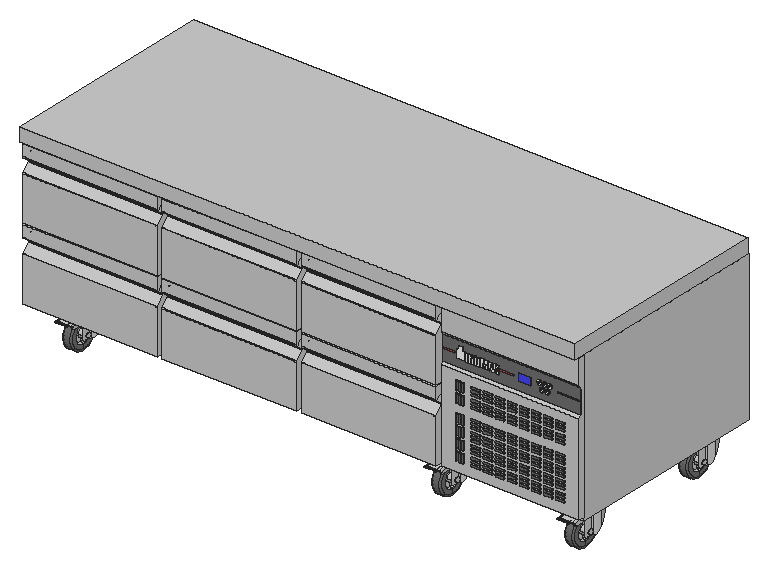
Revit family "QF_INOMAK_PWDP777_250528090058", category Specialty Equipment, Revit 2021 (continued)
Definition of nested family "QF_INOMAK_REF_COUNTERS_DOORS_DRAWERS_16014"
  Definition of nested family "Right_Door"
    Forms (mm)
      Extrusion 1, solid, material <- "Finish", visible <- "Right hand hinged door"
        sketch origin (35, 0, 0) x (0, -1, 0) y (0, 0, 1)
          loop
            line (690, 154) -> (690, 960.365)
            arc (690, 960.365) -> (689.866, 961.037) -> (689.485, 961.607) r 1.757
            line (689.485, 961.607) -> (666.663, 984.429)
            arc (666.663, 984.429) -> (665.976, 985.458) -> (665.734, 986.672) r 3.172
            line (665.734, 986.672) -> (665.734, 1013.576)
            arc (665.734, 1013.576) -> (666.433, 1015.262) -> (668.119, 1015.961) r 2.385
            line (668.119, 1015.961) -> (680.029, 1015.961) -> (686.544, 1006.657)
            arc (686.544, 1006.657) -> (688.671, 1005.935) -> (690, 1007.747) r 1.9
            line (690, 1007.747) -> (690, 1046) -> (648, 1046) -> (648, 154) -> (690, 154)
        from 0 to -1630
      Extrusion 2, solid, visible <- "Right hand hinged door", detail levels coarse
        sketch origin (0, -700, 154) x (-1, 0, 0) y (0, 1, 0)
          loop
            line (-1665, 10) -> (-1665, -1637.12)
            arc (-1665, -1637.12) -> (-517.894, -1142.214) -> (-35, 10) r 1670.236
            line (-35, 10) -> (-1665, 10)
        from 0 to -892
    Lines and regions (mm)
      symbolic lines, visible <- "Right hand hinged door"
        curve 1: line (1665, -2337.12, 150) -> (1665, -700, 150)
        curve 2: arc (1665, -2337.12, 150) -> (521.415, -1845.762, 150) -> (35.165, -699.995, 150) r 1670.236
    Dimensions and locks
      "Length Actual": plane 3 "Left" to plane 4 "Right"
      "Depth Actual": plane 5 "Front" to plane 1 "Back"
      "Height Actual": plane 6 "Top" to plane 8 "Legs top"
      "Front inset": plane 7 "Front legs" to plane 5 "Front"
      "Plinth height": plane 8 "Legs top" to plane 2
      "Rear inset": plane 9 "Backsplash thickness" to plane 1 "Back"
      "Right panel thickness": plane 11 "Right panel" to plane 4 "Right"
      "Left panel thickness": plane 3 "Left" to plane 10 "Left panel"
      "Top inset": plane 6 "Top" to plane 12
      "Bottom inset": plane 13 to plane 8 "Legs top"
      aligned and locked: level to plane 2
      aligned and locked: Extrusion 1 to plane 11 "Right panel"
      aligned and locked: plane 10 "Left panel" to Extrusion 2 sketch curve
      aligned and locked: plane 11 "Right panel" to Extrusion 2 sketch curve
      aligned and locked: plane 7 "Front legs" to Extrusion 2
      aligned and locked: plane 7 "Front legs" to Extrusion 2 sketch curve
      aligned and locked: Extrusion 2 sketch curve to plane 11 "Right panel"
      aligned and locked: curve 1 to Extrusion 2
      aligned and locked: plane 5 "Front" to curve 1
      aligned and locked: Extrusion 2 to plane 12
      aligned and locked: Extrusion 1 sketch curve to plane 12
      aligned and locked: Extrusion 1 sketch curve to plane 7 "Front legs"
      aligned and locked: Extrusion 1 sketch curve to plane 13
      aligned and locked: curve 2 to Extrusion 2
    Automatic sketch dimensions
      Extrusion 1 sketch curve to Extrusion 1 sketch curve = 1.556 mm
      Extrusion 1 sketch curve to Extrusion 1 sketch curve = 11.91 mm
      Extrusion 1 sketch curve to Extrusion 1 sketch curve = 2.243 mm
      Extrusion 1 sketch curve to Extrusion 1 sketch curve = 2.385 mm
      Extrusion 1 sketch curve to Extrusion 1 sketch curve = 20.119 mm
      Extrusion 1 sketch curve to Extrusion 1 sketch curve = 22.822 mm
      Extrusion 1 sketch curve to Extrusion 1 sketch curve = 19.985 mm
      Extrusion 1 sketch curve to Extrusion 1 sketch curve = 6.919 mm
      Extrusion 1 sketch curve to Extrusion 1 sketch curve = 30.039 mm
      plane 7 "Front legs" to Extrusion 1 sketch curve = 42 mm
      Extrusion 1 sketch curve to Extrusion 1 sketch curve = 0.929 mm
      Extrusion 1 sketch curve to Extrusion 1 sketch curve = 6.515 mm
      Extrusion 1 sketch curve to Extrusion 1 sketch curve = 1.242 mm
      Extrusion 1 sketch curve to Extrusion 1 sketch curve = 1.9 mm
      Extrusion 1 sketch curve to Extrusion 1 sketch curve = 0.515 mm
      Extrusion 2 sketch curve to plane 4 "Right" = 5.083 mm
      plane 7 "Front legs" to Extrusion 2 sketch curve = 22.635 mm
      plane 5 "Front" to curve 2 = 0.005 mm
  Definition of nested family "3_Drawers_1-3"
    Parameters (values of type "3 Drawers 1-3")
      URL = "www.specifiglobal.com"
      Top inset [instance] = 4 mm
      Right panel thickness [instance] = 35 mm
      Rear inset [instance] = 10 mm
      Plinth height [instance] = 150 mm
      Model = ""
      Manufacturer = "DEMO CONSULTANT"
      Length Actual [instance] = 1200 mm
      Left panel thickness [instance] = 35 mm
      Height Actual [instance] = 900 mm
      Front inset [instance] = 10 mm
      Finish = none
      Doors drawers type [instance] = 6
      Description = ""
      Depth Actual [instance] = 700 mm
      Default Elevation = 0 mm
      Bottom inset [instance] = 4 mm
      Assembly Code = "E1090320"
      3 Drawers [instance] = Doors drawers type = 6  # yes
    Reference planes
      plane 1 "Back": y = 0
      plane 2: z = 0
      plane 3 "Left": x = 0
      plane 4 "Right": x = 1200
      plane 5 "Front": y = -700
      plane 6 "Top": z = 1050
      plane 7 "Front legs": y = -690
      plane 8 "Legs top": z = 150
      plane 9 "Backsplash thickness": y = -10
      plane 10 "Left panel": x = 35
      plane 11 "Right panel": x = 1165
      plane 12: z = 749.333
      plane 13: z = 1046
      plane 14: z = 751.667
      plane 15: z = 747
      plane 16: z = 1048
      plane 17: z = 450.667
      plane 18: z = 453.333
      plane 19: z = 448
      plane 20: z = 154
      plane 21: z = 152
    Forms (mm)
      Extrusion 1, solid, material <- "Finish", visible <- "3 Drawers"
        sketch origin (35, 0, 0) x (0, -1, 0) y (0, 0, 1)
          loop
            line (690, 751.667) -> (690, 960.365)
            arc (690, 960.365) -> (689.866, 961.037) -> (689.485, 961.607) r 1.757
            line (689.485, 961.607) -> (666.663, 984.429)
            arc (666.663, 984.429) -> (665.976, 985.458) -> (665.734, 986.672) r 3.172
            line (665.734, 986.672) -> (665.734, 1013.576)
            arc (665.734, 1013.576) -> (666.433, 1015.262) -> (668.119, 1015.961) r 2.385
            line (668.119, 1015.961) -> (680.029, 1015.961) -> (686.544, 1006.657)
            arc (686.544, 1006.657) -> (688.671, 1005.935) -> (690, 1007.747) r 1.9
            line (690, 1007.747) -> (690, 1046) -> (648, 1046) -> (648, 751.667) -> (690, 751.667)
        from 0 to -1130
      Extrusion 2, solid, visible <- "3 Drawers", detail levels coarse
        sketch origin (0, -640.463, 751.667) x (0, 1, 0) y (-1, 0, 0)
          loop
            line (-49.537, -35) -> (-624.582, -35) -> (-624.582, -1165) -> (-49.537, -1165) -> (-49.537, -35)
        from 0 to 294.333
      Extrusion 3, solid, visible <- "3 Drawers", detail levels coarse
        sketch origin (0, -640.463, 453.333) x (0, 1, 0) y (-1, 0, 0)
          loop
            line (-49.537, -35) -> (-624.582, -35) -> (-624.582, -1165) -> (-49.537, -1165) -> (-49.537, -35)
        from 0 to 293.667
      Extrusion 4, solid, visible <- "3 Drawers", detail levels coarse
        sketch origin (0, -700, 154) x (-1, 0, 0) y (0, 1, 0)
          loop
            line (-35, 10) -> (-1165, 10) -> (-1165, -565.045) -> (-35, -565.045) -> (-35, 10)
        from 0 to -294
      Extrusion 5, solid, material <- "Finish", visible <- "3 Drawers"
        sketch origin (35, 0, -220.667) x (0, -1, 0) y (0, 0, 1)
          loop
            line (690, 674) -> (690, 882.031)
            arc (690, 882.031) -> (689.866, 882.704) -> (689.485, 883.274) r 1.757
            line (689.485, 883.274) -> (666.663, 906.096)
            arc (666.663, 906.096) -> (665.976, 907.125) -> (665.734, 908.339) r 3.172
            line (665.734, 908.339) -> (665.734, 935.243)
            arc (665.734, 935.243) -> (666.433, 936.929) -> (668.119, 937.628) r 2.385
            line (668.119, 937.628) -> (680.029, 937.628) -> (686.544, 928.324)
            arc (686.544, 928.324) -> (688.671, 927.602) -> (690, 929.414) r 1.9
            line (690, 929.414) -> (690, 967.667) -> (648, 967.667) -> (648, 674) -> (690, 674)
        from 0 to -1130
      Extrusion 6, solid, material <- "Finish", visible <- "3 Drawers"
        sketch origin (35, 0, -441.333) x (0, -1, 0) y (0, 0, 1)
          loop
            line (690, 595.333) -> (690, 800.031)
            arc (690, 800.031) -> (689.866, 800.704) -> (689.485, 801.274) r 1.757
            line (689.485, 801.274) -> (666.663, 824.096)
            arc (666.663, 824.096) -> (665.976, 825.125) -> (665.734, 826.339) r 3.172
            line (665.734, 826.339) -> (665.734, 857.243)
            arc (665.734, 857.243) -> (666.433, 858.929) -> (668.119, 859.628) r 2.385
            line (668.119, 859.628) -> (680.029, 859.628) -> (686.544, 850.324)
            arc (686.544, 850.324) -> (688.671, 849.602) -> (690, 851.414) r 1.9
            line (690, 851.414) -> (690, 889.333) -> (648, 889.333) -> (648, 595.333) -> (690, 595.333)
        from 0 to -1130
    Lines and regions (mm)
      symbolic lines, visible <- "3 Drawers"
        curve 1: line (35, -850, 900) -> (35, -890, 900)
        curve 2: line (35, -890, 900) -> (1165, -890, 900)
        curve 3: line (1165, -890, 900) -> (1165, -850, 900)
        curve 4: line (1165, -850, 900) -> (35, -850, 900)
        curve 5: line (1135, -850, 900) -> (1135, -700, 900)
        curve 6: line (65, -850, 900) -> (65, -700, 900)
        curve 7: line (35, -1040, 900) -> (35, -1080, 900)
        curve 8: line (35, -1080, 900) -> (1165, -1080, 900)
        curve 9: line (1165, -1080, 900) -> (1165, -1040, 900)
        curve 10: line (1165, -1040, 900) -> (35, -1040, 900)
        curve 11: line (1135, -1040, 900) -> (1135, -890, 900)
        curve 12: line (65, -1040, 900) -> (65, -890, 900)
        curve 13: line (35, -1225, 900) -> (35, -1265, 900)
        curve 14: line (35, -1265, 900) -> (1165, -1265, 900)
        curve 15: line (1165, -1265, 900) -> (1165, -1225, 900)
        curve 16: line (1165, -1225, 900) -> (35, -1225, 900)
        curve 17: line (1135, -1225, 900) -> (1135, -1080, 900)
        curve 18: line (65, -1225, 900) -> (65, -1080, 900)
    Dimensions and locks
      "Length Actual": plane 3 "Left" to plane 4 "Right"
      "Depth Actual": plane 5 "Front" to plane 1 "Back"
      "Height Actual": plane 6 "Top" to plane 8 "Legs top"
      "Front inset": plane 7 "Front legs" to plane 5 "Front"
      "Plinth height": plane 8 "Legs top" to plane 2
      "Rear inset": plane 9 "Backsplash thickness" to plane 1 "Back"
      "Right panel thickness": plane 11 "Right panel" to plane 4 "Right"
      "Left panel thickness": plane 3 "Left" to plane 10 "Left panel"
      plane 14 to plane 15 = 4.667 mm
      equal spacing: plane 14, plane 12, plane 15
      locked: plane 16 to plane 13 at 2
      equal spacing: plane 18, plane 17, plane 19
      plane 18 to plane 19 = 5.333 mm
      "Bottom inset": plane 20 to plane 8 "Legs top"
      equal spacing: plane 21, plane 17, plane 12, plane 16
      "Top inset": plane 13 to plane 6 "Top"
      locked: plane 21 to plane 20 at 2
      aligned and locked: level to plane 2
      aligned and locked: Extrusion 1 to plane 11 "Right panel"
      aligned and locked: plane 10 "Left panel" to curve 1
      aligned and locked: plane 10 "Left panel" to curve 7
      aligned and locked: plane 10 "Left panel" to curve 13
      aligned and locked: Extrusion 2 sketch curve to plane 10 "Left panel"
      aligned and locked: plane 11 "Right panel" to Extrusion 2 sketch curve
      aligned and locked: Extrusion 3 sketch curve to plane 10 "Left panel"
      aligned and locked: plane 11 "Right panel" to Extrusion 3 sketch curve
      aligned and locked: Extrusion 4 sketch curve to plane 10 "Left panel"
      aligned and locked: plane 11 "Right panel" to Extrusion 4 sketch curve
      aligned and locked: Extrusion 2 to plane 13
      aligned and locked: Extrusion 3 to plane 15
      aligned and locked: Extrusion 4 to plane 19
      aligned and locked: Extrusion 5 to plane 11 "Right panel"
      aligned and locked: Extrusion 6 to plane 11 "Right panel"
      aligned and locked: Extrusion 1 sketch curve to plane 13
      aligned and locked: Extrusion 1 sketch curve to plane 7 "Front legs"
      aligned and locked: plane 18 to Extrusion 5 sketch curve
      aligned and locked: Extrusion 6 sketch curve to Extrusion 4  (x2)
      aligned and locked: Extrusion 5 sketch curve to plane 15
      aligned and locked: Extrusion 4 to Extrusion 5 sketch curve
      aligned and locked: Extrusion 6 sketch curve to plane 19
      aligned and locked: Extrusion 6 sketch curve to plane 20
    Automatic sketch dimensions
      Extrusion 2 sketch curve to plane 7 "Front legs" = 0 mm
      Extrusion 2 sketch curve to plane 5 "Front" = 565.045 mm
      Extrusion 3 sketch curve to plane 7 "Front legs" = 0 mm
      Extrusion 3 sketch curve to plane 5 "Front" = 565.045 mm
      Extrusion 4 sketch curve to plane 7 "Front legs" = 0 mm
      Extrusion 4 sketch curve to plane 5 "Front" = 565.045 mm
      curve 14 to plane 11 "Right panel" = 0 mm
      curve 8 to plane 11 "Right panel" = 0 mm
      curve 3 to plane 11 "Right panel" = 0 mm
      curve 6 to plane 5 "Front" = 0 mm
      curve 5 to plane 5 "Front" = 0 mm
      curve 1 to plane 5 "Front" = 150 mm
      curve 2 to curve 3 = 40 mm
      curve 10 to curve 1 = 150 mm
      curve 9 to curve 9 = 40 mm
      curve 13 to curve 7 = 145 mm
      curve 14 to curve 13 = 40 mm
      curve 3 to curve 5 = 30 mm
      curve 15 to curve 17 = 30 mm
      curve 11 to curve 17 = 0 mm
      curve 6 to plane 10 "Left panel" = 30 mm
      curve 18 to plane 10 "Left panel" = 30 mm
      curve 12 to curve 18 = 0 mm
      Extrusion 1 sketch curve to plane 14 = 0 mm
      Extrusion 1 sketch curve to plane 7 "Front legs" = 0 mm
      plane 7 "Front legs" to Extrusion 1 sketch curve = 0.515 mm
      plane 7 "Front legs" to Extrusion 1 sketch curve = 1.757 mm
      plane 7 "Front legs" to Extrusion 1 sketch curve = 1.9 mm
      Extrusion 1 sketch curve to Extrusion 1 sketch curve = 1.556 mm
      plane 7 "Front legs" to Extrusion 1 sketch curve = 9.971 mm
      plane 7 "Front legs" to Extrusion 1 sketch curve = 21.094 mm
      Extrusion 1 sketch curve to Extrusion 1 sketch curve = 11.91 mm
      Extrusion 1 sketch curve to Extrusion 1 sketch curve = 2.243 mm
      Extrusion 1 sketch curve to Extrusion 1 sketch curve = 2.385 mm
      Extrusion 1 sketch curve to Extrusion 1 sketch curve = 20.119 mm
      plane 13 to Extrusion 1 sketch curve = 85.635 mm
      Extrusion 1 sketch curve to Extrusion 1 sketch curve = 22.822 mm
      Extrusion 1 sketch curve to Extrusion 1 sketch curve = 19.985 mm
      Extrusion 1 sketch curve to Extrusion 1 sketch curve = 6.919 mm
      plane 15 to Extrusion 5 sketch curve = 59.328 mm
      Extrusion 5 sketch curve to Extrusion 5 sketch curve = 17.734 mm
      plane 15 to Extrusion 5 sketch curve = 61.571 mm
      Extrusion 5 sketch curve to Extrusion 5 sketch curve = 0.929 mm
      Extrusion 5 sketch curve to Extrusion 5 sketch curve = 2.385 mm
      Extrusion 5 sketch curve to Extrusion 5 sketch curve = 11.91 mm
      Extrusion 5 sketch curve to Extrusion 5 sketch curve = 6.515 mm
      Extrusion 5 sketch curve to Extrusion 5 sketch curve = 1.556 mm
      Extrusion 5 sketch curve to Extrusion 5 sketch curve = 21.58 mm
      plane 15 to Extrusion 5 sketch curve = 84.393 mm
      Extrusion 5 sketch curve to Extrusion 5 sketch curve = 1.242 mm
      Extrusion 5 sketch curve to Extrusion 5 sketch curve = 1.9 mm
      Extrusion 5 sketch curve to Extrusion 5 sketch curve = 0.515 mm
      Extrusion 5 sketch curve to Extrusion 5 sketch curve = 6.919 mm
      Extrusion 5 sketch curve to Extrusion 5 sketch curve = 30.039 mm
      plane 7 "Front legs" to Extrusion 6 sketch curve = 0.515 mm
      plane 7 "Front legs" to Extrusion 6 sketch curve = 1.757 mm
      plane 7 "Front legs" to Extrusion 6 sketch curve = 1.9 mm
      Extrusion 6 sketch curve to Extrusion 6 sketch curve = 1.556 mm
      plane 7 "Front legs" to Extrusion 6 sketch curve = 9.971 mm
      plane 7 "Front legs" to Extrusion 6 sketch curve = 21.094 mm
      Extrusion 6 sketch curve to Extrusion 6 sketch curve = 11.91 mm
      Extrusion 6 sketch curve to Extrusion 6 sketch curve = 2.243 mm
      Extrusion 6 sketch curve to Extrusion 6 sketch curve = 2.385 mm
      Extrusion 6 sketch curve to Extrusion 6 sketch curve = 20.119 mm
      plane 19 to Extrusion 6 sketch curve = 89.302 mm
      Extrusion 6 sketch curve to Extrusion 6 sketch curve = 22.822 mm
      Extrusion 6 sketch curve to Extrusion 6 sketch curve = 23.985 mm
      Extrusion 6 sketch curve to Extrusion 6 sketch curve = 6.919 mm
  Definition of nested family "2_Drawers_1-2"
    Parameters (values of type "2 Drawers 1-2")
      URL = "www.specifiglobal.com"
      Top inset [instance] = 4 mm
      Right panel thickness [instance] = 35 mm
      Rear inset [instance] = 10 mm
      Plinth height [instance] = 150 mm
      Model = ""
      Manufacturer = "DEMO CONSULTANT"
      Length Actual [instance] = 1200 mm
      Left panel thickness [instance] = 35 mm
      Height Actual [instance] = 900 mm
      Front inset [instance] = 10 mm
      Finish = none
      Doors drawers type [instance] = 4
      Description = ""
      Depth Actual [instance] = 700 mm
      Default Elevation = 0 mm
      Bottom inset [instance] = 4 mm
      Assembly Code = "E1090320"
      2 Drawers [instance] = Doors drawers type = 4  # yes
    Reference planes
      plane 1 "Back": y = 0
      plane 2: z = 0
      plane 3 "Left": x = 0
      plane 4 "Right": x = 1200
      plane 5 "Front": y = -700
      plane 6 "Top": z = 1050
      plane 7 "Front legs": y = -690
      plane 8 "Legs top": z = 150
      plane 9 "Backsplash thickness": y = -10
      plane 10 "Left panel": x = 35
      plane 11 "Right panel": x = 1165
      plane 12: z = 600
      plane 13: z = 1046
      plane 14: z = 602
      plane 15: z = 598
      plane 16: z = 154
    Forms (mm)
      Extrusion 1, solid, material <- "Finish", visible <- "2 Drawers"
        sketch origin (35, 0, 0) x (0, -1, 0) y (0, 0, 1)
          loop
            line (690, 602) -> (690, 960.365)
            arc (690, 960.365) -> (689.866, 961.037) -> (689.485, 961.607) r 1.757
            line (689.485, 961.607) -> (666.663, 984.429)
            arc (666.663, 984.429) -> (665.976, 985.458) -> (665.734, 986.672) r 3.172
            line (665.734, 986.672) -> (665.734, 1013.576)
            arc (665.734, 1013.576) -> (666.433, 1015.262) -> (668.119, 1015.961) r 2.385
            line (668.119, 1015.961) -> (680.029, 1015.961) -> (686.544, 1006.657)
            arc (686.544, 1006.657) -> (688.671, 1005.935) -> (690, 1007.747) r 1.9
            line (690, 1007.747) -> (690, 1046) -> (648, 1046) -> (648, 602) -> (690, 602)
        from 0 to -1130
      Extrusion 2, solid, visible <- "2 Drawers", detail levels coarse
        sketch origin (0, -640.463, 602) x (0, 1, 0) y (-1, 0, 0)
          loop
            line (-49.537, -35) -> (-624.537, -35) -> (-624.537, -1165) -> (-49.537, -1165) -> (-49.537, -35)
        from 0 to 444
      Extrusion 3, solid, visible <- "2 Drawers", detail levels coarse
        sketch origin (0, -700, 154) x (-1, 0, 0) y (0, 1, 0)
          loop
            line (-35, 10) -> (-1165, 10) -> (-1165, -565) -> (-35, -565) -> (-35, 10)
        from 0 to -444
      Extrusion 4, solid, material <- "Finish", visible <- "2 Drawers"
        sketch origin (35, 0, -441.333) x (0, -1, 0) y (0, 0, 1)
          loop
            line (690, 595.333) -> (690, 953.698)
            arc (690, 953.698) -> (689.866, 954.37) -> (689.485, 954.94) r 1.757
            line (689.485, 954.94) -> (666.663, 977.763)
            arc (666.663, 977.763) -> (665.976, 978.792) -> (665.734, 980.006) r 3.172
            line (665.734, 980.006) -> (665.734, 1006.909)
            arc (665.734, 1006.909) -> (666.433, 1008.596) -> (668.119, 1009.294) r 2.385
            line (668.119, 1009.294) -> (680.029, 1009.294) -> (686.544, 999.991)
            arc (686.544, 999.991) -> (688.671, 999.268) -> (690, 1001.08) r 1.9
            line (690, 1001.08) -> (690, 1039.333) -> (648, 1039.333) -> (648, 595.333) -> (690, 595.333)
        from 0 to -1130
    Lines and regions (mm)
      symbolic lines, visible <- "2 Drawers"
        curve 1: line (35, -940, 900) -> (35, -980, 900)
        curve 2: line (35, -980, 900) -> (1165, -980, 900)
        curve 3: line (1165, -980, 900) -> (1165, -940, 900)
        curve 4: line (1165, -940, 900) -> (35, -940, 900)
        curve 5: line (1135, -940, 900) -> (1135, -700, 900)
        curve 6: line (65, -940, 900) -> (65, -700, 900)
        curve 7: line (35, -1225, 900) -> (35, -1265, 900)
        curve 8: line (35, -1265, 900) -> (1165, -1265, 900)
        curve 9: line (1165, -1265, 900) -> (1165, -1225, 900)
        curve 10: line (1165, -1225, 900) -> (35, -1225, 900)
        curve 11: line (1135, -1225, 900) -> (1135, -980, 900)
        curve 12: line (65, -1225, 900) -> (65, -980, 900)
    Dimensions and locks
      "Length Actual": plane 3 "Left" to plane 4 "Right"
      "Depth Actual": plane 5 "Front" to plane 1 "Back"
      "Height Actual": plane 6 "Top" to plane 8 "Legs top"
      "Front inset": plane 7 "Front legs" to plane 5 "Front"
      "Plinth height": plane 8 "Legs top" to plane 2
      "Rear inset": plane 9 "Backsplash thickness" to plane 1 "Back"
      "Right panel thickness": plane 11 "Right panel" to plane 4 "Right"
      "Left panel thickness": plane 3 "Left" to plane 10 "Left panel"
      "Top inset": plane 6 "Top" to plane 13
      "Bottom inset": plane 16 to plane 8 "Legs top"
      equal spacing: plane 16, plane 12, plane 13
      locked: plane 14 to plane 12 at 2
      locked: plane 15 to plane 12 at 2
      aligned and locked: level to plane 2
      aligned and locked: Extrusion 1 to plane 11 "Right panel"
      aligned and locked: plane 10 "Left panel" to curve 1
      aligned and locked: plane 10 "Left panel" to curve 7
      aligned and locked: Extrusion 2 sketch curve to plane 10 "Left panel"
      aligned and locked: plane 11 "Right panel" to Extrusion 2 sketch curve
      aligned and locked: Extrusion 3 sketch curve to plane 10 "Left panel"
      aligned and locked: plane 11 "Right panel" to Extrusion 3 sketch curve
      aligned and locked: Extrusion 2 to plane 13
      aligned and locked: Extrusion 4 to plane 11 "Right panel"
      aligned and locked: Extrusion 3 to plane 15
      aligned and locked: Extrusion 1 sketch curve to plane 13
      aligned and locked: Extrusion 1 sketch curve to plane 7 "Front legs"
      aligned and locked: plane 14 to Extrusion 1 sketch curve
      aligned and locked: Extrusion 4 sketch curve to plane 15
      aligned and locked: Extrusion 4 sketch curve to plane 7 "Front legs"
      aligned and locked: Extrusion 4 sketch curve to plane 16
    Automatic sketch dimensions
      Extrusion 2 sketch curve to plane 7 "Front legs" = 0 mm
      Extrusion 2 sketch curve to plane 5 "Front" = 565 mm
      Extrusion 3 sketch curve to plane 7 "Front legs" = 0 mm
      Extrusion 3 sketch curve to plane 5 "Front" = 565 mm
      curve 9 to plane 11 "Right panel" = 0 mm
      curve 2 to plane 11 "Right panel" = 0 mm
      curve 5 to plane 5 "Front" = 0 mm
      curve 6 to plane 5 "Front" = 0 mm
      curve 1 to plane 5 "Front" = 240 mm
      curve 3 to curve 3 = 40 mm
      curve 7 to curve 1 = 245 mm
      curve 8 to curve 9 = 40 mm
      plane 11 "Right panel" to curve 5 = 30 mm
      curve 2 to curve 11 = 30 mm
      curve 6 to plane 10 "Left panel" = 30 mm
      curve 12 to plane 10 "Left panel" = 30 mm
      Extrusion 1 sketch curve to Extrusion 1 sketch curve = 17.734 mm
      Extrusion 1 sketch curve to Extrusion 1 sketch curve = 0.929 mm
      Extrusion 1 sketch curve to Extrusion 1 sketch curve = 2.385 mm
      Extrusion 1 sketch curve to Extrusion 1 sketch curve = 3.172 mm
      Extrusion 1 sketch curve to Extrusion 1 sketch curve = 11.91 mm
      Extrusion 1 sketch curve to Extrusion 1 sketch curve = 6.515 mm
      Extrusion 1 sketch curve to Extrusion 1 sketch curve = 1.556 mm
      Extrusion 1 sketch curve to Extrusion 1 sketch curve = 21.58 mm
      Extrusion 1 sketch curve to Extrusion 1 sketch curve = 1.242 mm
      Extrusion 1 sketch curve to Extrusion 1 sketch curve = 1.9 mm
      Extrusion 1 sketch curve to Extrusion 1 sketch curve = 0.515 mm
      Extrusion 1 sketch curve to Extrusion 1 sketch curve = 22.822 mm
      Extrusion 1 sketch curve to Extrusion 1 sketch curve = 19.985 mm
      Extrusion 1 sketch curve to Extrusion 1 sketch curve = 6.919 mm
      Extrusion 1 sketch curve to Extrusion 1 sketch curve = 30.039 mm
      Extrusion 4 sketch curve to plane 7 "Front legs" = 0 mm
      plane 7 "Front legs" to Extrusion 4 sketch curve = 0.515 mm
      plane 7 "Front legs" to Extrusion 4 sketch curve = 1.757 mm
      plane 7 "Front legs" to Extrusion 4 sketch curve = 1.9 mm
      Extrusion 4 sketch curve to Extrusion 4 sketch curve = 1.556 mm
      plane 7 "Front legs" to Extrusion 4 sketch curve = 9.971 mm
      plane 7 "Front legs" to Extrusion 4 sketch curve = 21.094 mm
      Extrusion 4 sketch curve to Extrusion 4 sketch curve = 11.91 mm
      Extrusion 4 sketch curve to Extrusion 4 sketch curve = 2.243 mm
      Extrusion 4 sketch curve to Extrusion 4 sketch curve = 2.385 mm
      Extrusion 4 sketch curve to Extrusion 4 sketch curve = 20.119 mm
      Extrusion 4 sketch curve to Extrusion 4 sketch curve = 22.822 mm
      Extrusion 4 sketch curve to Extrusion 4 sketch curve = 19.985 mm
      Extrusion 4 sketch curve to Extrusion 4 sketch curve = 6.919 mm
      Extrusion 4 sketch curve to Extrusion 4 sketch curve = 30.039 mm
  Definition of nested family "2_Drawers_1-3_2-3"
    Parameters (values of type "2 Drawers 1-3 and 2-3")
      URL = "www.specifiglobal.com"
      Top inset [instance] = 4 mm
      Right panel thickness [instance] = 35 mm
      Rear inset [instance] = 10 mm
      Plinth height [instance] = 150 mm
      Model = ""
      Manufacturer = "DEMO CONSULTANT"
      Length Actual [instance] = 1200 mm
      Left panel thickness [instance] = 35 mm
      Height Actual [instance] = 900 mm
      Front inset [instance] = 10 mm
      Finish = none
      Doors drawers type [instance] = 5
      Description = ""
      Depth Actual [instance] = 700 mm
      Default Elevation = 0 mm
      Bottom inset [instance] = 4 mm
      Assembly Code = "E1090320"
      2 Drawers 1-3 and 2-3 [instance] = Doors drawers type = 5  # yes
    Reference planes
      plane 1 "Back": y = 0
      plane 2: z = 0
      plane 3 "Left": x = 0
      plane 4 "Right": x = 1200
      plane 5 "Front": y = -700
      plane 6 "Top": z = 1050
      plane 7 "Front legs": y = -690
      plane 8 "Legs top": z = 150
      plane 9 "Backsplash thickness": y = -10
      plane 10 "Left panel": x = 35
      plane 11 "Right panel": x = 1165
      plane 12: z = 1046
      plane 13: z = 751.833
      plane 14: z = 746.833
      plane 15: z = 154
      plane 16: z = 450.667
      plane 17: z = 152
      plane 18: z = 1048
      plane 19: z = 749.333
    Forms (mm)
      Extrusion 1, solid, material <- "Finish", visible <- "2 Drawers 1-3 and 2-3"
        sketch origin (35, 0, 0) x (0, -1, 0) y (0, 0, 1)
          loop
            line (690, 751.833) -> (690, 960.365)
            arc (690, 960.365) -> (689.866, 961.037) -> (689.485, 961.607) r 1.757
            line (689.485, 961.607) -> (666.663, 984.429)
            arc (666.663, 984.429) -> (665.976, 985.458) -> (665.734, 986.672) r 3.172
            line (665.734, 986.672) -> (665.734, 1013.576)
            arc (665.734, 1013.576) -> (666.433, 1015.262) -> (668.119, 1015.961) r 2.385
            line (668.119, 1015.961) -> (680.029, 1015.961) -> (686.544, 1006.657)
            arc (686.544, 1006.657) -> (688.671, 1005.935) -> (690, 1007.747) r 1.9
            line (690, 1007.747) -> (690, 1046) -> (648, 1046) -> (648, 751.833) -> (690, 751.833)
        from 0 to -1130
      Extrusion 2, solid, visible <- "2 Drawers 1-3 and 2-3", detail levels coarse
        sketch origin (0, -640.463, 751.833) x (0, 1, 0) y (-1, 0, 0)
          loop
            line (-49.537, -35) -> (-624.537, -35) -> (-624.537, -1165) -> (-49.537, -1165) -> (-49.537, -35)
        from 0 to 294.167
      Extrusion 3, solid, visible <- "2 Drawers 1-3 and 2-3", detail levels coarse
        sketch origin (0, -700, 154) x (-1, 0, 0) y (0, 1, 0)
          loop
            line (-35, 10) -> (-1165, 10) -> (-1165, -565) -> (-35, -565) -> (-35, 10)
        from 0 to -592.833
      Extrusion 4, solid, material <- "Finish", visible <- "2 Drawers 1-3 and 2-3"
        sketch origin (35, 0, -441.333) x (0, -1, 0) y (0, 0, 1)
          loop
            line (690, 595.333) -> (690, 1101.698)
            arc (690, 1101.698) -> (689.866, 1102.37) -> (689.485, 1102.94) r 1.757
            line (689.485, 1102.94) -> (666.663, 1126.596)
            arc (666.663, 1126.596) -> (665.976, 1127.625) -> (665.734, 1128.839) r 3.172
            line (665.734, 1128.839) -> (665.734, 1155.743)
            arc (665.734, 1155.743) -> (666.433, 1157.429) -> (668.119, 1158.128) r 2.385
            line (668.119, 1158.128) -> (680.029, 1158.128) -> (686.544, 1148.824)
            arc (686.544, 1148.824) -> (688.671, 1148.102) -> (690, 1149.914) r 1.9
            line (690, 1149.914) -> (690, 1188.167) -> (648, 1188.167) -> (648, 595.333) -> (690, 595.333)
        from 0 to -1130
    Lines and regions (mm)
      symbolic lines, visible <- "2 Drawers 1-3 and 2-3"
        curve 1: line (35, -1000, 900) -> (35, -1040, 900)
        curve 2: line (35, -1040, 900) -> (1165, -1040, 900)
        curve 3: line (1165, -1040, 900) -> (1165, -1000, 900)
        curve 4: line (1165, -1000, 900) -> (35, -1000, 900)
        curve 5: line (1135, -1000, 900) -> (1135, -700, 900)
        curve 6: line (65, -1000, 900) -> (65, -700, 900)
        curve 7: line (35, -1225, 900) -> (35, -1265, 900)
        curve 8: line (35, -1265, 900) -> (1165, -1265, 900)
        curve 9: line (1165, -1265, 900) -> (1165, -1225, 900)
        curve 10: line (1165, -1225, 900) -> (35, -1225, 900)
        curve 11: line (1135, -1225, 900) -> (1135, -1040, 900)
        curve 12: line (65, -1225, 900) -> (65, -1040, 900)
    Dimensions and locks
      "Length Actual": plane 3 "Left" to plane 4 "Right"
      "Depth Actual": plane 5 "Front" to plane 1 "Back"
      "Height Actual": plane 6 "Top" to plane 8 "Legs top"
      "Front inset": plane 7 "Front legs" to plane 5 "Front"
      "Plinth height": plane 8 "Legs top" to plane 2
      "Rear inset": plane 9 "Backsplash thickness" to plane 1 "Back"
      "Right panel thickness": plane 11 "Right panel" to plane 4 "Right"
      "Left panel thickness": plane 3 "Left" to plane 10 "Left panel"
      "Top inset": plane 6 "Top" to plane 12
      locked: plane 13 to plane 14 at 5
      "Bottom inset": plane 15 to plane 8 "Legs top"
      equal spacing: plane 17, plane 16, plane 19, plane 18
      equal spacing: plane 12, plane 18, plane 6 "Top"
      equal spacing: plane 14, plane 19, plane 13
      equal spacing: plane 15, plane 17, plane 8 "Legs top"
      aligned and locked: level to plane 2
      aligned and locked: Extrusion 1 to plane 11 "Right panel"
      aligned and locked: plane 10 "Left panel" to curve 1
      aligned and locked: plane 10 "Left panel" to curve 7
      aligned and locked: Extrusion 2 sketch curve to plane 10 "Left panel"
      aligned and locked: plane 11 "Right panel" to Extrusion 2 sketch curve
      aligned and locked: Extrusion 3 sketch curve to plane 10 "Left panel"
      aligned and locked: plane 11 "Right panel" to Extrusion 3 sketch curve
      aligned and locked: Extrusion 2 to plane 12
      aligned and locked: Extrusion 4 to plane 11 "Right panel"
      aligned and locked: Extrusion 3 to plane 14
      aligned and locked: plane 13 to Extrusion 1 sketch curve
      aligned and locked: Extrusion 2 to Extrusion 1 sketch curve
      aligned and locked: Extrusion 3 to Extrusion 4 sketch curve
      aligned and locked: Extrusion 4 sketch curve to Extrusion 3  (x2)
      aligned and locked: Extrusion 1 sketch curve to plane 7 "Front legs"
    Automatic sketch dimensions
      Extrusion 2 sketch curve to plane 7 "Front legs" = 0 mm
      Extrusion 2 sketch curve to plane 5 "Front" = 565 mm
      Extrusion 3 sketch curve to plane 7 "Front legs" = 0 mm
      Extrusion 3 sketch curve to plane 5 "Front" = 565 mm
      curve 9 to plane 11 "Right panel" = 0 mm
      curve 2 to plane 11 "Right panel" = 0 mm
      curve 5 to plane 5 "Front" = 0 mm
      curve 6 to plane 5 "Front" = 0 mm
      curve 1 to plane 5 "Front" = 300 mm
      curve 3 to curve 3 = 40 mm
      curve 7 to curve 1 = 185 mm
      curve 8 to curve 9 = 40 mm
      plane 11 "Right panel" to curve 5 = 30 mm
      curve 11 to curve 5 = 0 mm
      curve 6 to plane 10 "Left panel" = 30 mm
      curve 12 to curve 6 = 0 mm
      Extrusion 1 sketch curve to plane 7 "Front legs" = 0 mm
      plane 7 "Front legs" to Extrusion 1 sketch curve = 0.515 mm
      plane 7 "Front legs" to Extrusion 1 sketch curve = 1.757 mm
      plane 7 "Front legs" to Extrusion 1 sketch curve = 1.9 mm
      Extrusion 1 sketch curve to Extrusion 1 sketch curve = 1.556 mm
      plane 7 "Front legs" to Extrusion 1 sketch curve = 9.971 mm
      plane 7 "Front legs" to Extrusion 1 sketch curve = 21.094 mm
      Extrusion 1 sketch curve to Extrusion 1 sketch curve = 11.91 mm
      Extrusion 1 sketch curve to Extrusion 1 sketch curve = 2.243 mm
      Extrusion 1 sketch curve to Extrusion 1 sketch curve = 2.385 mm
      Extrusion 1 sketch curve to Extrusion 1 sketch curve = 20.119 mm
      plane 12 to Extrusion 1 sketch curve = 85.635 mm
      Extrusion 1 sketch curve to Extrusion 1 sketch curve = 22.822 mm
      Extrusion 1 sketch curve to Extrusion 1 sketch curve = 19.985 mm
      Extrusion 1 sketch curve to Extrusion 1 sketch curve = 6.919 mm
      plane 12 to Extrusion 1 sketch curve = 0 mm
      Extrusion 4 sketch curve to plane 7 "Front legs" = 0 mm
      plane 7 "Front legs" to Extrusion 4 sketch curve = 0.515 mm
      plane 7 "Front legs" to Extrusion 4 sketch curve = 1.9 mm
      Extrusion 4 sketch curve to Extrusion 4 sketch curve = 1.556 mm
      plane 7 "Front legs" to Extrusion 4 sketch curve = 9.971 mm
      plane 7 "Front legs" to Extrusion 4 sketch curve = 21.094 mm
      Extrusion 4 sketch curve to Extrusion 4 sketch curve = 11.91 mm
      Extrusion 4 sketch curve to Extrusion 4 sketch curve = 2.243 mm
      Extrusion 4 sketch curve to Extrusion 4 sketch curve = 2.385 mm
      Extrusion 4 sketch curve to Extrusion 4 sketch curve = 20.119 mm
      Extrusion 4 sketch curve to Extrusion 4 sketch curve = 86.469 mm
      Extrusion 4 sketch curve to Extrusion 4 sketch curve = 23.656 mm
      Extrusion 4 sketch curve to Extrusion 4 sketch curve = 19.985 mm
      Extrusion 4 sketch curve to Extrusion 4 sketch curve = 6.919 mm
      plane 7 "Front legs" to Extrusion 4 sketch curve = 1.757 mm
  Definition of nested family "Sliding_Doors"
    Parameters (values of type "Sliding doors")
      URL = "www.specifiglobal.com"
      Top inset [instance] = 4 mm
      Sliding doors [instance] = Doors drawers type = 2  # yes
      Right panel thickness [instance] = 35 mm
      Rear inset [instance] = 10 mm
      Plinth height [instance] = 150 mm
      Model = ""
      Manufacturer = "DEMO CONSULTANT"
      Length Actual [instance] = 1200 mm
      Left panel thickness [instance] = 35 mm
      Height Actual [instance] = 900 mm
      Front inset [instance] = 10 mm
      Finish [instance] = none
      Doors drawers type [instance] = 2
      Description = ""
      Depth Actual [instance] = 700 mm
      Default Elevation = 0 mm
      Bottom inset [instance] = 4 mm
      Assembly Code = "E1090320"
    Reference planes
      plane 1 "Back": y = 0
      plane 2: z = 0
      plane 3 "Left": x = 0
      plane 4 "Right": x = 1200
      plane 5 "Front": y = -700
      plane 6 "Top": z = 1050
      plane 7 "Front legs": y = -690
      plane 8 "Legs top": z = 150
      plane 9 "Backsplash thickness": y = -10
      plane 10: x = 35
      plane 11: x = 1165
      plane 12 "Center Left-Right": x = 600
      plane 13: z = 154
      plane 14: z = 1046
    Forms (mm)
      Extrusion 1, solid, material <- "Finish", visible <- "Sliding doors"
        sketch origin (0, -690, 154) x (-1, 0, 0) y (0, 1, 0)
          loop
            line (-35, 10) -> (-35, 20) -> (-620, 20) -> (-620, 0) -> (-91.156, 0)
            arc (-91.156, 0) -> (-85.272, 0.885) -> (-79.91, 3.461) r 20
            line (-79.91, 3.461) -> (-60, 17) -> (-38, 17) -> (-38, 10)
            arc (-38, 10) -> (-40.05, 5.05) -> (-45, 3) r 7
            line (-45, 3) -> (-50.012, 3) -> (-50.012, 0) -> (-45, 0)
            arc (-45, 0) -> (-37.929, 2.929) -> (-35, 10) r 10
        from 0 to -892
      Extrusion 2, solid, material <- "Finish", visible <- "Sliding doors"
        sketch origin (0, -689, 154) x (-1, 0, 0) y (0, 1, 0)
          loop
            arc (-1065, 30) -> (-1062.071, 22.929) -> (-1055, 20) r 10
            line (-1055, 20) -> (-1049.988, 20) -> (-1049.988, 23) -> (-1055, 23)
            arc (-1055, 23) -> (-1059.95, 25.05) -> (-1062, 30) r 7
            line (-1062, 30) -> (-1062, 37) -> (-1040, 37) -> (-1020.09, 23.461)
            arc (-1020.09, 23.461) -> (-1014.728, 20.885) -> (-1008.844, 20) r 20
            line (-1008.844, 20) -> (-480, 20) -> (-480, 40) -> (-1065, 40) -> (-1065, 30)
        from 0 to -892
    Lines and regions (mm)
      symbolic lines, visible <- "Sliding doors"
        curve 1: line (1065, -649, 150) -> (480, -649, 150)
        curve 2: line (1065, -669, 150) -> (1065, -649, 150)
        curve 3: line (480, -669, 150) -> (1065, -669, 150)
        curve 4: line (480, -649, 150) -> (480, -669, 150)
        curve 5: line (620, -690, 150) -> (35, -690, 150)
        curve 6: line (620, -670, 150) -> (620, -690, 150)
        curve 7: line (35, -670, 150) -> (620, -670, 150)
        curve 8: line (35, -690, 150) -> (35, -670, 150)
    Dimensions and locks
      "Length Actual": plane 3 "Left" to plane 4 "Right"
      "Depth Actual": plane 5 "Front" to plane 1 "Back"
      "Height Actual": plane 6 "Top" to plane 8 "Legs top"
      "Front inset": plane 7 "Front legs" to plane 5 "Front"
      "Plinth height": plane 8 "Legs top" to plane 2
      "Rear inset": plane 9 "Backsplash thickness" to plane 1 "Back"
      "Right panel thickness": plane 11 to plane 4 "Right"
      "Left panel thickness": plane 3 "Left" to plane 10
      equal spacing: plane 10, plane 12 "Center Left-Right", plane 11
      "Top inset": plane 6 "Top" to plane 14
      "Bottom inset": plane 13 to plane 8 "Legs top"
      locked: plane 12 "Center Left-Right" to curve 4 at 120
      locked: plane 12 "Center Left-Right" to curve 5 at 20
      locked: plane 11 to curve 1 at 100
      aligned and locked: level to plane 2
      aligned and locked: Extrusion 1 sketch curve to plane 7 "Front legs"
      aligned and locked: Extrusion 1 sketch curve to plane 10
      aligned and locked: Extrusion 1 to plane 14
      aligned and locked: Extrusion 2 to plane 14
      aligned and locked: curve 8 to plane 10
    Automatic sketch dimensions
      Extrusion 2 sketch curve to Extrusion 2 sketch curve = 0 mm  (x2)
      plane 11 to Extrusion 2 sketch curve = 100 mm
      Extrusion 2 sketch curve to Extrusion 2 sketch curve = 3 mm
      Extrusion 2 sketch curve to Extrusion 2 sketch curve = 7 mm  (x2)
      Extrusion 2 sketch curve to Extrusion 2 sketch curve = 5.012 mm
      plane 7 "Front legs" to Extrusion 2 sketch curve = 38 mm
      Extrusion 2 sketch curve to Extrusion 2 sketch curve = 15 mm
      plane 7 "Front legs" to Extrusion 2 sketch curve = 24.461 mm
      Extrusion 2 sketch curve to Extrusion 2 sketch curve = 19.91 mm
      Extrusion 2 sketch curve to Extrusion 2 sketch curve = 11.246 mm
      Extrusion 2 sketch curve to plane 12 "Center Left-Right" = 120 mm
      Extrusion 2 sketch curve to Extrusion 2 sketch curve = 16.539 mm
      Extrusion 2 sketch curve to Extrusion 2 sketch curve = 20 mm
      Extrusion 1 sketch curve to Extrusion 1 sketch curve = 0 mm  (x2)
      Extrusion 1 sketch curve to plane 7 "Front legs" = 0 mm
      Extrusion 1 sketch curve to plane 10 = 3 mm
      Extrusion 1 sketch curve to Extrusion 1 sketch curve = 7 mm
      Extrusion 1 sketch curve to Extrusion 1 sketch curve = 5.012 mm
      Extrusion 1 sketch curve to Extrusion 1 sketch curve = 15 mm
      plane 7 "Front legs" to Extrusion 1 sketch curve = 3.461 mm
      Extrusion 1 sketch curve to Extrusion 1 sketch curve = 19.91 mm
      Extrusion 1 sketch curve to Extrusion 1 sketch curve = 11.246 mm
      plane 12 "Center Left-Right" to Extrusion 1 sketch curve = 20 mm
      Extrusion 1 sketch curve to Extrusion 1 sketch curve = 20 mm
      Extrusion 1 sketch curve to Extrusion 1 sketch curve = 3 mm
      curve 8 to plane 7 "Front legs" = 0 mm
      curve 5 to curve 6 = 20 mm
      plane 7 "Front legs" to curve 2 = 21 mm
      curve 2 to curve 2 = 20 mm
  Definition of nested family "4_Drawers_1-4"
    Parameters (values of type "4 Drawers 1-4")
      URL = "www.specifiglobal.com"
      Top inset [instance] = 4 mm
      Right panel thickness [instance] = 35 mm
      Rear inset [instance] = 10 mm
      Plinth height [instance] = 150 mm
      Model = ""
      Manufacturer = "DEMO CONSULTANT"
      Length Actual [instance] = 1200 mm
      Left panel thickness [instance] = 35 mm
      Height Actual [instance] = 900 mm
      Front inset [instance] = 10 mm
      Finish [instance] = none
      Doors drawers type [instance] = 7
      Description = ""
      Depth Actual [instance] = 700 mm
      Default Elevation = 0 mm
      Bottom inset [instance] = 4 mm
      Assembly Code = "E1090320"
      4 Drawers [instance] = Doors drawers type = 7  # yes
    Reference planes
      plane 1 "Back": y = 0
      plane 2: z = 0
      plane 3 "Left": x = 0
      plane 4 "Right": x = 1200
      plane 5 "Front": y = -700
      plane 6 "Top": z = 1050
      plane 7 "Front legs": y = -690
      plane 8 "Legs top": z = 150
      plane 9 "Backsplash thickness": y = -10
      plane 10 "Left panel": x = 35
      plane 11 "Right panel": x = 1165
      plane 12: z = 824.25
      plane 13: z = 1046
      plane 14: z = 826.083
      plane 15: z = 822.417
      plane 16: z = 1048.5
      plane 17: z = 375.75
      plane 18: z = 377.917
      plane 19: z = 373.583
      plane 20: z = 154
      plane 21: z = 151.5
      plane 22: z = 600
      plane 23: z = 601.833
      plane 24: z = 598.167
    Forms (mm)
      Extrusion 1, solid, material <- "Finish", visible <- "4 Drawers"
        sketch origin (35, 0, -1) x (0, -1, 0) y (0, 0, 1)
          loop
            line (680, 1047) -> (670, 1047) -> (670, 827.083) -> (690, 827.083) -> (690, 990.844)
            arc (690, 990.844) -> (689.115, 996.728) -> (686.539, 1002.09) r 20
            line (686.539, 1002.09) -> (673, 1022) -> (673, 1044) -> (680, 1044)
            arc (680, 1044) -> (684.95, 1041.95) -> (687, 1037) r 7
            line (687, 1037) -> (687, 1031.988) -> (690, 1031.988) -> (690, 1037)
            arc (690, 1037) -> (687.071, 1044.071) -> (680, 1047) r 10
        from 0 to -1130
      Extrusion 2, solid, visible <- "4 Drawers", detail levels coarse
        sketch origin (0, -640.463, 826.083) x (0, 1, 0) y (-1, 0, 0)
          loop
            line (-49.537, -35) -> (-624.537, -35) -> (-624.537, -1165) -> (-49.537, -1165) -> (-49.537, -35)
        from 0 to 219.917
      Extrusion 3, solid, visible <- "4 Drawers", detail levels coarse
        sketch origin (0, -700, 154) x (-1, 0, 0) y (0, 1, 0)
          loop
            line (-35, 10) -> (-1165, 10) -> (-1165, -565) -> (-35, -565) -> (-35, 10)
        from 0 to -219.583
      Extrusion 4, solid, material <- "Finish", visible <- "4 Drawers"
        sketch origin (35, 0, -440.333) x (0, -1, 0) y (0, 0, 1)
          loop
            line (680, 813.917) -> (670, 813.917) -> (670, 594.333) -> (690, 594.333) -> (690, 757.761)
            arc (690, 757.761) -> (689.115, 763.644) -> (686.539, 769.007) r 20
            line (686.539, 769.007) -> (673, 788.917) -> (673, 810.917) -> (680, 810.917)
            arc (680, 810.917) -> (684.95, 808.866) -> (687, 803.917) r 7
            line (687, 803.917) -> (687, 798.904) -> (690, 798.904) -> (690, 803.917)
            arc (690, 803.917) -> (687.071, 810.988) -> (680, 813.917) r 10
        from 0 to -1130
      Extrusion 5, solid, material <- "Finish", visible <- "4 Drawers"
        sketch origin (35, 0, -165.333) x (0, -1, 0) y (0, 0, 1)
          loop
            line (680, 987.75) -> (670, 987.75) -> (670, 767.167) -> (690, 767.167) -> (690, 931.594)
            arc (690, 931.594) -> (689.115, 937.478) -> (686.539, 942.84) r 20
            line (686.539, 942.84) -> (673, 962.75) -> (673, 984.75) -> (680, 984.75)
            arc (680, 984.75) -> (684.95, 982.7) -> (687, 977.75) r 7
            line (687, 977.75) -> (687, 972.738) -> (690, 972.738) -> (690, 977.75)
            arc (690, 977.75) -> (687.071, 984.821) -> (680, 987.75) r 10
        from 0 to -1130
      Extrusion 6, solid, material <- "Finish", visible <- "4 Drawers"
        sketch origin (35, 0, -330.333) x (0, -1, 0) y (0, 0, 1)
          loop
            line (680, 928.5) -> (670, 928.5) -> (670, 708.25) -> (690, 708.25) -> (690, 872.344)
            arc (690, 872.344) -> (689.115, 878.228) -> (686.539, 883.59) r 20
            line (686.539, 883.59) -> (673, 903.5) -> (673, 925.5) -> (680, 925.5)
            arc (680, 925.5) -> (684.95, 923.45) -> (687, 918.5) r 7
            line (687, 918.5) -> (687, 913.488) -> (690, 913.488) -> (690, 918.5)
            arc (690, 918.5) -> (687.071, 925.571) -> (680, 928.5) r 10
        from 0 to -1130
      Extrusion 7, solid, visible <- "4 Drawers", detail levels coarse
        sketch origin (0, -500.463, 601.833) x (0, 1, 0) y (-1, 0, 0)
          loop
            line (-189.537, -35) -> (-764.537, -35) -> (-764.537, -1165) -> (-189.537, -1165) -> (-189.537, -35)
        from 0 to 220.583
      Extrusion 8, solid, visible <- "4 Drawers", detail levels coarse
        sketch origin (0, -540.463, 377.917) x (0, 1, 0) y (-1, 0, 0)
          loop
            line (-149.537, -35) -> (-724.537, -35) -> (-724.537, -1165) -> (-149.537, -1165) -> (-149.537, -35)
        from 0 to 220.25
    Lines and regions (mm)
      symbolic lines, visible <- "4 Drawers"
        curve 1: line (35, -945, 900) -> (35, -985, 900)
        curve 2: line (35, -985, 900) -> (1165, -985, 900)
        curve 3: line (1165, -985, 900) -> (1165, -945, 900)
        curve 4: line (1165, -945, 900) -> (35, -945, 900)
        curve 5: line (1135, -945, 900) -> (1135, -845, 900)
        curve 6: line (65, -945, 900) -> (65, -845, 900)
        curve 7: line (35, -1085, 900) -> (35, -1125, 900)
        curve 8: line (35, -1125, 900) -> (1165, -1125, 900)
        curve 9: line (1165, -1125, 900) -> (1165, -1085, 900)
        curve 10: line (1165, -1085, 900) -> (35, -1085, 900)
        curve 11: line (1135, -1085, 900) -> (1135, -985, 900)
        curve 12: line (65, -1085, 900) -> (65, -985, 900)
        curve 13: line (35, -1225, 900) -> (35, -1265, 900)
        curve 14: line (35, -1265, 900) -> (1165, -1265, 900)
        curve 15: line (1165, -1265, 900) -> (1165, -1225, 900)
        curve 16: line (1165, -1225, 900) -> (35, -1225, 900)
        curve 17: line (1135, -1225, 900) -> (1135, -1125, 900)
        curve 18: line (65, -1225, 900) -> (65, -1125, 900)
        curve 19: line (35, -805, 900) -> (35, -845, 900)
        curve 20: line (35, -845, 900) -> (1165, -845, 900)
        curve 21: line (1165, -845, 900) -> (1165, -805, 900)
        curve 22: line (1165, -805, 900) -> (35, -805, 900)
        curve 23: line (65, -805, 900) -> (65, -700, 900)
        curve 24: line (1135, -805, 900) -> (1135, -700, 900)
    Dimensions and locks
      "Length Actual": plane 3 "Left" to plane 4 "Right"
      "Depth Actual": plane 5 "Front" to plane 1 "Back"
      "Height Actual": plane 6 "Top" to plane 8 "Legs top"
      "Front inset": plane 7 "Front legs" to plane 5 "Front"
      "Plinth height": plane 8 "Legs top" to plane 2
      "Rear inset": plane 9 "Backsplash thickness" to plane 1 "Back"
      "Right panel thickness": plane 11 "Right panel" to plane 4 "Right"
      "Left panel thickness": plane 3 "Left" to plane 10 "Left panel"
      locked: plane 14 to plane 15 at 3.667
      equal spacing: plane 14, plane 12, plane 15
      locked: plane 23 to plane 24 at 3.667
      equal spacing: plane 23, plane 22, plane 24
      "Bottom inset": plane 20 to plane 8 "Legs top"
      equal spacing: plane 19, plane 17, plane 18
      locked: plane 19 to plane 18 at 4.333
      equal spacing: plane 21, plane 17, plane 22, plane 12, plane 16
      locked: plane 13 to plane 16 at 2.5
      "Top inset": plane 13 to plane 6 "Top"
      locked: plane 21 to plane 20 at 2.5
      aligned and locked: level to plane 2
      aligned and locked: plane 7 "Front legs" to Extrusion 1 sketch curve  (x2)
      aligned and locked: Extrusion 1 to plane 11 "Right panel"
      aligned and locked: Extrusion 1 sketch curve to plane 13
      aligned and locked: Extrusion 1 sketch curve to plane 14
      aligned and locked: plane 10 "Left panel" to curve 1
      aligned and locked: plane 10 "Left panel" to curve 7
      aligned and locked: plane 10 "Left panel" to curve 13
      aligned and locked: Extrusion 2 sketch curve to plane 10 "Left panel"
      aligned and locked: plane 11 "Right panel" to Extrusion 2 sketch curve
      aligned and locked: Extrusion 3 sketch curve to plane 10 "Left panel"
      aligned and locked: plane 11 "Right panel" to Extrusion 3 sketch curve
      aligned and locked: Extrusion 2 to plane 13
      aligned and locked: Extrusion 3 to plane 19
      aligned and locked: plane 20 to Extrusion 4 sketch curve
      aligned and locked: Extrusion 4 to plane 11 "Right panel"
      aligned and locked: Extrusion 5 sketch curve to plane 15
      aligned and locked: plane 7 "Front legs" to Extrusion 5 sketch curve
      aligned and locked: Extrusion 5 sketch curve to plane 23
      aligned and locked: Extrusion 6 sketch curve to plane 24
      aligned and locked: plane 7 "Front legs" to Extrusion 6 sketch curve
      aligned and locked: Extrusion 6 sketch curve to plane 18
      aligned and locked: Extrusion 7 to plane 15
      aligned and locked: Extrusion 8 to plane 24
      aligned and locked: Extrusion 5 to plane 11 "Right panel"
      aligned and locked: Extrusion 6 to plane 11 "Right panel"
    Automatic sketch dimensions
      Extrusion 1 sketch curve to Extrusion 1 sketch curve = 0 mm  (x2)
      plane 7 "Front legs" to Extrusion 1 sketch curve = 3 mm
      plane 7 "Front legs" to Extrusion 1 sketch curve = 3.461 mm
      plane 7 "Front legs" to Extrusion 1 sketch curve = 10 mm
      Extrusion 1 sketch curve to Extrusion 1 sketch curve = 7 mm
      plane 7 "Front legs" to Extrusion 1 sketch curve = 20 mm  (x2)
      Extrusion 1 sketch curve to Extrusion 1 sketch curve = 46.156 mm
      Extrusion 1 sketch curve to Extrusion 1 sketch curve = 15 mm
      Extrusion 1 sketch curve to Extrusion 1 sketch curve = 5.012 mm
      Extrusion 2 sketch curve to plane 7 "Front legs" = 0 mm
      Extrusion 2 sketch curve to plane 5 "Front" = 565 mm
      Extrusion 3 sketch curve to plane 7 "Front legs" = 0 mm
      Extrusion 3 sketch curve to plane 5 "Front" = 565 mm
      Extrusion 5 sketch curve to Extrusion 5 sketch curve = 0 mm  (x2)
      Extrusion 5 sketch curve to plane 7 "Front legs" = 0 mm
      plane 7 "Front legs" to Extrusion 5 sketch curve = 3 mm
      plane 7 "Front legs" to Extrusion 5 sketch curve = 3.461 mm
      plane 7 "Front legs" to Extrusion 5 sketch curve = 10 mm
      Extrusion 5 sketch curve to Extrusion 5 sketch curve = 7 mm
      plane 7 "Front legs" to Extrusion 5 sketch curve = 20 mm  (x2)
      Extrusion 5 sketch curve to Extrusion 5 sketch curve = 46.156 mm
      Extrusion 5 sketch curve to Extrusion 5 sketch curve = 15 mm
      Extrusion 5 sketch curve to Extrusion 5 sketch curve = 5.012 mm
      Extrusion 6 sketch curve to Extrusion 6 sketch curve = 0 mm  (x2)
      Extrusion 6 sketch curve to plane 7 "Front legs" = 0 mm
      plane 7 "Front legs" to Extrusion 6 sketch curve = 3 mm
      plane 7 "Front legs" to Extrusion 6 sketch curve = 3.461 mm
      plane 7 "Front legs" to Extrusion 6 sketch curve = 10 mm
      Extrusion 6 sketch curve to Extrusion 6 sketch curve = 7 mm
      plane 7 "Front legs" to Extrusion 6 sketch curve = 20 mm  (x2)
      Extrusion 6 sketch curve to Extrusion 6 sketch curve = 46.156 mm
      Extrusion 6 sketch curve to Extrusion 6 sketch curve = 15 mm
      Extrusion 6 sketch curve to Extrusion 6 sketch curve = 5.012 mm
      curve 14 to plane 11 "Right panel" = 0 mm
      curve 8 to plane 11 "Right panel" = 0 mm
      curve 2 to plane 11 "Right panel" = 0 mm
      curve 21 to plane 11 "Right panel" = 0 mm
      curve 20 to plane 10 "Left panel" = 0 mm
      curve 23 to plane 5 "Front" = 0 mm
      curve 24 to plane 5 "Front" = 0 mm
      curve 21 to plane 5 "Front" = 105 mm
      curve 20 to curve 21 = 40 mm
      curve 3 to curve 20 = 100 mm
      curve 3 to curve 3 = 40 mm
      curve 10 to curve 1 = 100 mm
      curve 9 to curve 9 = 40 mm
      curve 15 to curve 8 = 100 mm
      curve 15 to curve 15 = 40 mm
      plane 11 "Right panel" to curve 24 = 30 mm
      curve 8 to curve 17 = 30 mm
      curve 11 to curve 17 = 0 mm
      curve 23 to plane 10 "Left panel" = 30 mm
      curve 12 to curve 6 = 0 mm
      curve 18 to curve 12 = 0 mm
      Extrusion 4 sketch curve to Extrusion 4 sketch curve = 0 mm  (x2)
      plane 19 to Extrusion 4 sketch curve = 0 mm
      Extrusion 4 sketch curve to plane 7 "Front legs" = 0 mm  (x2)
      plane 7 "Front legs" to Extrusion 4 sketch curve = 3 mm
      plane 7 "Front legs" to Extrusion 4 sketch curve = 3.461 mm
      plane 7 "Front legs" to Extrusion 4 sketch curve = 10 mm
      Extrusion 4 sketch curve to Extrusion 4 sketch curve = 7 mm
      plane 7 "Front legs" to Extrusion 4 sketch curve = 20 mm  (x2)
      Extrusion 4 sketch curve to Extrusion 4 sketch curve = 46.156 mm
      Extrusion 4 sketch curve to Extrusion 4 sketch curve = 15 mm
      Extrusion 4 sketch curve to Extrusion 4 sketch curve = 5.012 mm
      Extrusion 7 sketch curve to plane 10 "Left panel" = 0 mm
      Extrusion 7 sketch curve to plane 11 "Right panel" = 0 mm
      Extrusion 7 sketch curve to plane 7 "Front legs" = 0 mm
      Extrusion 7 sketch curve to plane 5 "Front" = 565 mm
      Extrusion 8 sketch curve to plane 10 "Left panel" = 0 mm
      Extrusion 8 sketch curve to plane 11 "Right panel" = 0 mm
      Extrusion 8 sketch curve to plane 7 "Front legs" = 0 mm
      Extrusion 8 sketch curve to plane 5 "Front" = 565 mm
      curve 6 to plane 10 "Left panel" = 30 mm
      curve 5 to curve 24 = 0 mm
  Definition of nested family "Hinged_Doors"
    Parameters (values of type "Hinged doors")
      URL = "www.specifiglobal.com"
      Top inset [instance] = 4 mm
      Right panel thickness [instance] = 35 mm
      Rear inset [instance] = 10 mm
      Plinth height [instance] = 150 mm
      Model = ""
      Manufacturer = "DEMO CONSULTANT"
      Length Actual [instance] = 1200 mm
      Left panel thickness [instance] = 35 mm
      Hinged doors [instance] = Doors drawers type = 3  # yes
      Height Actual [instance] = 900 mm
      Front inset [instance] = 10 mm
      Finish [instance] = none
      Doors drawers type [instance] = 3
      Description = ""
      Depth Actual [instance] = 700 mm
      Default Elevation = 0 mm
      Bottom inset [instance] = 4 mm
      Assembly Code = "E1090320"
    Reference planes
      plane 1 "Back": y = 0
      plane 2: z = 0
      plane 3 "Left": x = 0
      plane 4 "Right": x = 1200
      plane 5 "Front": y = -700
      plane 6 "Top": z = 1050
      plane 7 "Front legs": y = -690
      plane 8 "Legs top": z = 150
      plane 9 "Backsplash thickness": y = -10
      plane 10: x = 35
      plane 11: x = 1165
      plane 12 "Center Left-Right": x = 600
      plane 13: x = 597.5
      plane 14: x = 602.5
      plane 15: z = 154
      plane 16: z = 1046
    Forms (mm)
      Extrusion 1, solid, material <- "Finish", visible <- "Hinged doors"
        sketch origin (35, -2307.849, 4000) x (0, -1, 0) y (0, 0, 1)
          loop
            line (-1627.849, -2954) -> (-1637.849, -2954) -> (-1637.849, -3846) -> (-1617.849, -3846) -> (-1617.849, -3010.156)
            arc (-1617.849, -3010.156) -> (-1618.734, -3004.272) -> (-1621.31, -2998.91) r 20
            line (-1621.31, -2998.91) -> (-1634.849, -2979) -> (-1634.849, -2957) -> (-1627.849, -2957)
            arc (-1627.849, -2957) -> (-1622.899, -2959.05) -> (-1620.849, -2964) r 7
            line (-1620.849, -2964) -> (-1620.849, -2969.012) -> (-1617.849, -2969.012) -> (-1617.849, -2964)
            arc (-1617.849, -2964) -> (-1620.778, -2956.929) -> (-1627.849, -2954) r 10
        from 0 to -562.5
      Extrusion 2, solid, visible <- "Hinged doors", detail levels coarse
        sketch origin (0, -700, 154) x (-1, 0, 0) y (0, 1, 0)
          loop
            line (-35, 10) -> (-597.5, 10)
            arc (-597.5, 10) -> (-432.748, -387.748) -> (-35, -552.5) r 562.5
            line (-35, -552.5) -> (-35, 10)
        from 0 to -892
      Extrusion 3, solid, material <- "Finish", visible <- "Hinged doors"
        sketch origin (1165, -2312.576, 4000) x (0, -1, 0) y (0, 0, 1)
          loop
            line (-1632.576, -2954) -> (-1642.576, -2954) -> (-1642.576, -3846) -> (-1622.576, -3846) -> (-1622.576, -3010.156)
            arc (-1622.576, -3010.156) -> (-1623.46, -3004.272) -> (-1626.037, -2998.91) r 20
            line (-1626.037, -2998.91) -> (-1639.576, -2979) -> (-1639.576, -2957) -> (-1632.576, -2957)
            arc (-1632.576, -2957) -> (-1627.626, -2959.05) -> (-1625.576, -2964) r 7
            line (-1625.576, -2964) -> (-1625.576, -2969.012) -> (-1622.576, -2969.012) -> (-1622.576, -2964)
            arc (-1622.576, -2964) -> (-1625.504, -2956.929) -> (-1632.576, -2954) r 10
        from 0 to 562.5
      Extrusion 4, solid, visible <- "Hinged doors", detail levels coarse
        sketch origin (0, -700, 154) x (-1, 0, 0) y (0, 1, 0)
          loop
            line (-1165, 10) -> (-1165, -552.5)
            arc (-1165, -552.5) -> (-767.252, -387.748) -> (-602.5, 10) r 562.5
            line (-602.5, 10) -> (-1165, 10)
        from 0 to -892
    Lines and regions (mm)
      symbolic lines, visible <- "Hinged doors"
        curve 1: line (35, -700, 150) -> (35, -1252.5, 150)
        curve 2: arc (35, -1252.5, 150) -> (429.196, -1091.268, 150) -> (597.411, -700, 150) r 562.5
        curve 3: arc (602.589, -700, 150) -> (770.804, -1091.268, 150) -> (1165, -1252.5, 150) r 562.5
        curve 4: line (1165, -1252.5, 150) -> (1165, -700, 150)
    Dimensions and locks
      "Length Actual": plane 3 "Left" to plane 4 "Right"
      "Depth Actual": plane 5 "Front" to plane 1 "Back"
      "Height Actual": plane 6 "Top" to plane 8 "Legs top"
      "Front inset": plane 7 "Front legs" to plane 5 "Front"
      "Plinth height": plane 8 "Legs top" to plane 2
      "Rear inset": plane 9 "Backsplash thickness" to plane 1 "Back"
      "Right panel thickness": plane 11 to plane 4 "Right"
      "Left panel thickness": plane 3 "Left" to plane 10
      equal spacing: plane 10, plane 12 "Center Left-Right", plane 11
      plane 13 to plane 12 "Center Left-Right" = 2.5 mm
      plane 12 "Center Left-Right" to plane 14 = 2.5 mm
      "Bottom inset": plane 15 to plane 8 "Legs top"
      "Top inset": plane 16 to plane 6 "Top"
      aligned and locked: level to plane 2
      aligned and locked: Extrusion 1 to plane 13
      aligned and locked: plane 10 to Extrusion 2 sketch curve
      aligned and locked: plane 13 to Extrusion 2 sketch curve
      aligned and locked: plane 7 "Front legs" to Extrusion 2 sketch curve  (x2)
      aligned and locked: plane 14 to Extrusion 3
      aligned and locked: Extrusion 2 to curve 1
      aligned and locked: curve 2 to Extrusion 2
      aligned and locked: curve 3 to Extrusion 4
      aligned and locked: curve 4 to Extrusion 4
      aligned and locked: plane 5 "Front" to curve 1
      aligned and locked: plane 5 "Front" to curve 2
      aligned and locked: plane 5 "Front" to curve 3
      aligned and locked: plane 5 "Front" to curve 4
      aligned and locked: Extrusion 4 to plane 16
      aligned and locked: Extrusion 2 to plane 16
      aligned and locked: Extrusion 1 sketch curve to plane 16
      aligned and locked: Extrusion 1 sketch curve to plane 15
      aligned and locked: Extrusion 3 sketch curve to plane 15
      aligned and locked: Extrusion 3 sketch curve to plane 16
